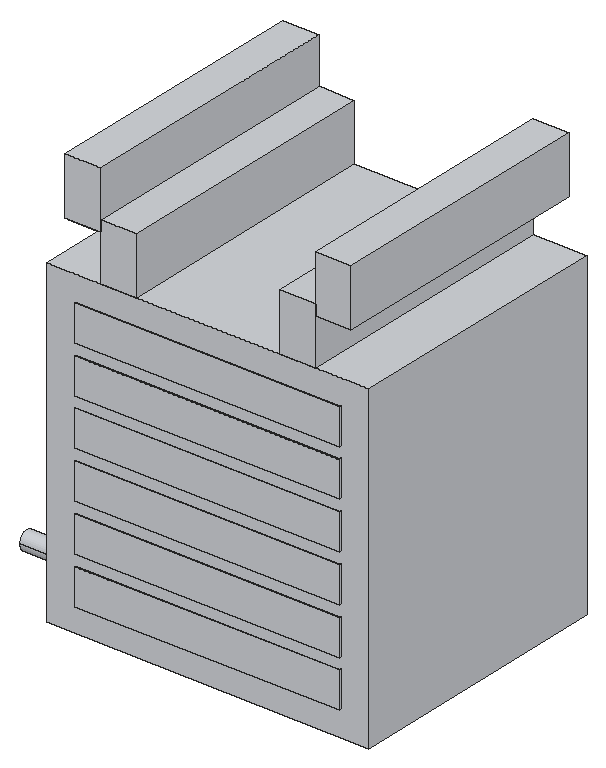
Revit family "Mark Tanner MDA verwarmer plafondmontage", category Mechanical Equipment, Revit 2017
Family settings
  Round Connector Dimension = Use Diameter
  Part Type = Normal
  OmniClass Number = 23.75.00.00
  OmniClass Title = Climate Control (HVAC)
  Work Plane-Based = No
  Always vertical = Yes
  Cut with Voids When Loaded = No
  Shared = No
  Room Calculation Point = No
Parameters (values of type "TYPE CATALOG")
  zichtbaar_02 [instance] = horizontaal uitblazen  # yes
  zichtbaar_01 [instance] = not(horizontaal uitblazen)  # no
  voltage = 0 V
  vermogen = 0 W
  schijnbaar_vermogen = voltage * nominale stroom  # 0 VA
  o2 [instance] = if(hoek = 90.00°, 813 mm, 145 mm + h1 / 2)  # 370 mm
  o1 = 660 mm
  nominale stroom = 0 A
  lengte = l1  # 450 mm
  l3 = l1 + 100 mm  # 550 mm
  l2 = 450 mm
  l1 = h1  # 450 mm
  horizontaal uitblazen [instance] = yes
  hoogte = h1  # 450 mm
  hoek [instance] = if(horizontaal uitblazen, 0.00°, 90.00°)  # 0.00°
  h1 = 450 mm
  gewicht = ""
  elektrisch_vermogen = 0 W
  debiet = 0.0 m³/h
  con 1_RN = con 1_DN / 2  # 12.5 mm
  con 1_DN = 25 mm
  breedte = b1  # 380 mm
  b2 = b1 - 80 mm  # 300 mm
  b1 = 380 mm
  artikelnummer = ""
  aantal_polen = 1
  URL = "http://www.mark.nl/producten/"
  Type Comments = "MDA 121, 2 rijige wisselaar, 1 fase 230V fan, ,waterzijdige aansluiting 1"
  Model = "MDA 100"
  Manufacturer = "Mark"  # constant formula
Reference planes
  plane 1 "Center (Front/Back)": y = 0
  plane 2: z = 0
  plane 3 "Center (Left/Right)": x = 0
  plane 4: x = -225
  plane 5: x = 225
  plane 6: z = -145
  plane 7: z = -370
Lines and regions (mm)
  reference lines
    curve 1: line (0, 660, -370) -> (0, 0, -370)
Dimensions and locks
  equal spacing: plane 4, plane 3 "Center (Left/Right)", plane 5
  "l1": plane 4 to plane 5
  plane 2 to plane 6 = 145 mm
  "o1": curve 1 to curve 1
  "o2": plane 2 to plane 7
  "hoek": angle curve 1 to plane 7
  aligned and locked: level to plane 2
  aligned and locked: nested 1 to curve 1
  aligned and locked: plane 1 "Center (Front/Back)" to curve 1
  aligned and locked: plane 7 to curve 1
Nested families
  nested 1: "Verwarmer" at (0, 2, -145), b1 <- "b1", h1 <- "h1", l1 <- "l1", r1 <- "con 1_RN", type "MDA 100"
    with r1 12.5 mm, l1 450 mm, h1 450 mm, b1 380 mm, b 370 mm, aantal 6, a 380 mm
  nested 2: "Plafond console met trillingsreduceerset" at (0, 0, 0) x (0, 1, 0) z (0, 0, 1), b1 <- "b2", l1 <- "l3", visible <- "zichtbaar_01", type "trillingsreduceerset"
    with l1 550 mm, b1 300 mm
  nested 3: "Plafond console" at (0, 192, 0) x (0, 1, 0) z (0, 0, 1), b1 <- "b2", l1 <- "b1", visible <- "zichtbaar_02", type "plafond console"
    with l1 380 mm, b1 300 mm
Connectors
  piping at (-317, 162, -180.5), diameter 25, driven by "con 1_DN"
    settings: on nested 1, index 1, connector inside diameter 609.6 mm, connector length 0 mm, flow factor 0, pipe flow 0.0 L/s, pressure drop 0.0 Pa, fitting loss kfactor 0, connector angle 0.00°, fixture units 0, engagement length 0 mm, angle of deflection 0.00°, flow configuration 0, flow direction 2, fitting loss method 0, system type 8, joint type 0, gender type 0, connector reference index -1, connector utility 0, adjustable connector no, is connector primary yes, connector description "retour"
  piping at (-317, 82, -559.5), diameter 25, driven by "con 1_DN"
    settings: on nested 1, index 2, connector inside diameter 609.6 mm, connector length 0 mm, flow factor 0, pipe flow 0.0 L/s, pressure drop 0.0 Pa, fitting loss kfactor 0, connector angle 0.00°, fixture units 0, engagement length 0 mm, angle of deflection 0.00°, flow configuration 0, flow direction 1, fitting loss method 0, system type 7, joint type 0, gender type 0, connector reference index -1, connector utility 0, adjustable connector no, is connector primary no, connector description "aanvoer"
  electrical at (0, 192, -145), driven by "aantal_polen", driven by "voltage", driven by "schijnbaar_vermogen"
    settings: on nested 1, index 3, voltage 0 V, apparent load 0 VA, apparent load phase1 0 VA, apparent load phase2 0 VA, apparent load phase3 0 VA, power factor 1, load classification "Other", number of poles 1, system type 30, power factor state 1, is connector primary yes, connector utility no, sub classification motor no, connector description ""
Definition of nested family "Verwarmer"
  Parameters (values of type "MDA 100")
    r1 [instance] = 12.5 mm
    l1 [instance] = 450 mm
    h1 [instance] = 450 mm
    b1 [instance] = 380 mm
    b [instance] = l1 - 80 mm  # 370 mm
    aantal [instance] = a / 60 mm  # 6
    a [instance] = h1 - 70 mm  # 380 mm
    Default Elevation = 1219.2 mm
  Reference planes
    plane 1 "Center (Front/Back)": y = 0
    plane 2: z = 0
    plane 3 "Center (Left/Right)": x = 0
    plane 4: x = -225
    plane 5: x = 225
    plane 6: y = 0
    plane 7: y = 380
    plane 8: z = 0
    plane 9: z = -35.5
    plane 10: z = -414.5
    plane 11: y = 160
    plane 12: y = 80
    plane 13: z = -450
    plane 14: x = 185
    plane 15: x = -185
    plane 16: z = -225
    plane 17: y = 190
  Forms (mm)
    Extrusion 1, solid
      sketch origin (554.392, 0, 0) x (1, 0, 0) y (0, 1, 0)
        loop
          line (-779.392, 380) -> (-779.392, 0) -> (-329.392, 0) -> (-329.392, 380) -> (-779.392, 380)
      from -450 to 0
    Sweep 2, solid
      path origin (0, 0, 0) x (1, 0, 0) y (0, 1, 0)
        loop
          line (-317, 80) -> (-225, 80)
      profile origin (-271, 80, 0) x (0, 1, 0) y (0, 0, 1)
        loop
          circle (0, -414.5) r 12.5
    Sweep 3, solid
      path origin (-1340.061, -1524, -35.5) x (-1, 0, 0) y (0, -1, 0)
        loop
          line (-1023.061, -1684) -> (-1115.061, -1684)
      profile origin (-271, 160, -35.5) x (0, 1, 0) y (0, 0, 1)
        loop
          circle (0, 0) r 12.5
  Dimensions and locks
    "b1": plane 6 to plane 7
    "l1": plane 4 to plane 5
    equal spacing: plane 4, plane 3 "Center (Left/Right)", plane 5
    locked: plane 6 to plane 12 at 80
    locked: plane 11 to plane 6 at 160
    locked: Sweep 2 sketch curve to Sweep 2 sketch curve at 92
    "h1": plane 8 to plane 13
    locked: plane 10 to plane 13 at 35.5
    locked: plane 8 to plane 9 at 35.5
    equal spacing: plane 14, plane 3 "Center (Left/Right)", plane 15
    "b": plane 14 to plane 15
    equal spacing: group 1, group 3, group 4, group 5, group 6, group 2  (x2)
    equal spacing: group 2, group 6, group 5, group 4, group 3, group 1
    "a": plane 9 to nested 2
    equal spacing: plane 8, plane 16, plane 13
    equal spacing: plane 7, plane 17, plane 1 "Center (Front/Back)"
    "r1": radius of Sweep 2 sketch curve
    "r1": radius of Sweep 3 sketch curve
    aligned and locked: level to plane 2
    aligned and locked: plane 7 to Extrusion 1 sketch curve
    aligned and locked: Extrusion 1 sketch curve to plane 5
    aligned and locked: plane 6 to Extrusion 1 sketch curve
    aligned and locked: plane 4 to Extrusion 1 sketch curve
    aligned and locked: plane 8 to Extrusion 1
    aligned and locked: plane 12 to Sweep 2 sketch curve
    aligned and locked: Sweep 3 sketch curve to plane 11
    aligned and locked: plane 4 to Sweep 3 sketch curve
    aligned and locked: Sweep 2 to Sweep 3 sketch curve
    aligned and locked: plane 9 to Sweep 3 sketch curve
    aligned and locked: plane 10 to Sweep 2 sketch curve
    aligned and locked: Extrusion 1 to plane 13
  Automatic sketch dimensions
    plane 4 to Sweep 2 sketch curve = 0 mm
    Sweep 2 sketch curve to profile plane = 0 mm
    Sweep 3 sketch curve to profile plane = 0 mm
  Nested families
    nested 1: "Family4" at (0, 0, -35.5), a <- "b", type "Family4"
      with a 370 mm
    nested 2: "Family4" at (0, 0, -365.5), a <- "b", type "Family4"
      with a 370 mm
    nested 3: "Family4" at (0, 0, -101.5), a <- "b", type "Family4"
      with a 370 mm
    nested 4: "Family4" at (0, 0, -167.5), a <- "b", type "Family4"
      with a 370 mm
    nested 5: "Family4" at (0, 0, -233.5), a <- "b", type "Family4"
      with a 370 mm
    nested 6: "Family4" at (0, 0, -299.5), a <- "b", type "Family4"
      with a 370 mm
  Definition of nested family "Family4"
    Parameters (values of type "Family4")
      a [instance] = 304.784 mm
    Reference planes
      plane 1 "Center (Front/Back)": y = 0
      plane 2: z = 0
      plane 3 "Center (Left/Right)": x = 0
    Forms (mm)
      Extrusion 1, solid
        sketch origin (0, 0, 0) x (1, 0, 0) y (0, 0, 1)
          loop
            line (-152.392, 0) -> (-152.392, -50) -> (152.392, -50) -> (152.392, 0) -> (-152.392, 0)
        from -1 to 2
    Dimensions and locks
      "a": Extrusion 1 sketch curve to Extrusion 1 sketch curve
      equal spacing: Extrusion 1 sketch curve, plane 3 "Center (Left/Right)", Extrusion 1 sketch curve
      Extrusion 1 sketch curve to Extrusion 1 sketch curve = 50 mm
      aligned and locked: level to plane 2
    Automatic sketch dimensions
      Extrusion 1 sketch curve to level = 0 mm
Definition of nested family "Plafond console met trillingsreduceerset"
  Parameters (values of type "trillingsreduceerset")
    l1 [instance] = 450 mm
    b1 [instance] = 450 mm
    artikelnummer = "5064051"  # constant formula
    URL = "http://www.mark.nl/producten/"
    Manufacturer = "Mark"  # constant formula
    Description = "plafond console"  # constant formula
  Reference planes
    plane 1 "Center (Front/Back)": y = 0
    plane 2: z = 0
    plane 3 "Center (Left/Right)": x = 0
    plane 4: x = -225
    plane 5: x = 225
    plane 6: z = -813
    plane 7: y = 225
    plane 8: y = -225
  Forms (mm)
    Sweep 1, solid
      path origin (0, 0, 0) x (1, 0, 0) y (0, 0, 1)
        loop
          line (-225, -813) -> (-225, 0) -> (225, 0) -> (225, -813)
      profile origin (-225, 0, -406.5) x (-1, 0, 0) y (0, -1, 0)
        loop
          line (0, 225) -> (0, 275) -> (-50, 275) -> (-50, 225) -> (0, 225)
    Sweep 2, solid
      path origin (-1087.664, 225, 1200) x (-1, 0, 0) y (0, 0, 1)
        loop
          line (-1312.664, -2013) -> (-1312.664, -1200) -> (-862.664, -1200) -> (-862.664, -2013)
      profile origin (225, 225, -406.5) x (1, 0, 0) y (0, 1, 0)
        loop
          line (0, 0) -> (0, 50) -> (-50, 50) -> (-50, 0) -> (0, 0)
  Dimensions and locks
    equal spacing: plane 4, plane 3 "Center (Left/Right)", plane 5
    "l1": plane 4 to plane 5
    plane 2 to plane 6 = 813 mm
    equal spacing: plane 7, plane 1 "Center (Front/Back)", plane 8
    "b1": plane 7 to plane 8
    aligned and locked: level to plane 2
    aligned and locked: Sweep 1 sketch curve to plane 4
    aligned and locked: Sweep 1 sketch curve to plane 5
    aligned and locked: plane 6 to Sweep 1 sketch curve  (x2)
    aligned and locked: Sweep 1 to plane 8
    aligned and locked: Sweep 2 sketch curve to plane 2
    aligned and locked: Sweep 2 sketch curve to plane 5
    aligned and locked: plane 4 to Sweep 2 sketch curve
  Automatic sketch dimensions
    Sweep 1 sketch curve to level = 0 mm
    Sweep 1 sketch curve to profile plane = 0 mm
    profile plane to Sweep 1 sketch curve = 50 mm
    plane 1 "Center (Front/Back)" to Sweep 1 sketch curve = 225 mm
    Sweep 1 sketch curve to Sweep 1 sketch curve = 50 mm
    Sweep 2 sketch curve to level = 813 mm  (x2)
    Sweep 2 sketch curve to plane 7 = 0 mm
    Sweep 2 sketch curve to profile plane = 0 mm
    Sweep 2 sketch curve to Sweep 2 sketch curve = 50 mm
    plane 7 to Sweep 2 sketch curve = 50 mm
Definition of nested family "Plafond console"
  Parameters (values of type "plafond console")
    l1 [instance] = 450 mm
    b1 [instance] = 800 mm
    artikelnummer = "5064056"  # constant formula
    URL = "http://www.mark.nl/producten/"
    Manufacturer = "Mark"  # constant formula
    Description = "plafond console"  # constant formula
  Reference planes
    plane 1 "Center (Front/Back)": y = 0
    plane 2: z = 0
    plane 3 "Center (Left/Right)": x = 0
    plane 4: x = -225
    plane 5: x = 225
    plane 6: y = 400
    plane 7: y = -400
  Forms (mm)
    Sweep 1, solid
      path origin (-1087.664, 400, 1200) x (-1, 0, 0) y (0, 0, 1)
        loop
          line (-1312.664, -1200) -> (-862.664, -1200)
      profile origin (0, 400, 0) x (0, 0, 1) y (0, 1, 0)
        loop
          line (0, 0) -> (0, 50) -> (-80, 50) -> (-80, 0) -> (0, 0)
    Sweep 2, solid
      path origin (1231.578, -400, 1200) x (1, 0, 0) y (0, 0, 1)
        loop
          line (-1006.578, -1200) -> (-1456.578, -1200)
      profile origin (0, -400, 0) x (0, 0, -1) y (0, -1, 0)
        loop
          line (0, 0) -> (80, 0) -> (80, 50) -> (0, 50) -> (0, 0)
    Sweep 3, solid
      path origin (-1087.664, 400, 1200) x (-1, 0, 0) y (0, 0, 1)
        loop
          line (-1312.664, -1280) -> (-862.664, -1280)
      profile origin (0, 400, -80) x (0, 0, 1) y (0, 1, 0)
        loop
          line (15, 0) -> (-65, 0) -> (-65, -50) -> (15, -50) -> (15, 0)
    Sweep 4, solid
      path origin (1231.578, -400, 1200) x (1, 0, 0) y (0, 0, 1)
        loop
          line (-1006.578, -1280) -> (-1456.578, -1280)
      profile origin (0, -400, -80) x (0, 0, -1) y (0, -1, 0)
        loop
          line (-15, 0) -> (-15, -50) -> (65, -50) -> (65, 0) -> (-15, 0)
  Dimensions and locks
    equal spacing: plane 4, plane 3 "Center (Left/Right)", plane 5
    "l1": plane 4 to plane 5
    equal spacing: plane 6, plane 1 "Center (Front/Back)", plane 7
    "b1": plane 6 to plane 7
    aligned and locked: level to plane 2
    aligned and locked: Sweep 1 sketch curve to plane 2
    aligned and locked: Sweep 2 sketch curve to plane 2
    aligned and locked: plane 4 to Sweep 2 sketch curve
    aligned and locked: plane 5 to Sweep 2 sketch curve
    aligned and locked: Sweep 3 sketch curve to Sweep 1
    aligned and locked: plane 4 to Sweep 3 sketch curve
    aligned and locked: plane 5 to Sweep 3 sketch curve
    aligned and locked: Sweep 4 sketch curve to Sweep 1
    aligned and locked: plane 5 to Sweep 4 sketch curve
    aligned and locked: plane 4 to Sweep 4 sketch curve
  Automatic sketch dimensions
    Sweep 1 sketch curve to plane 6 = 0 mm
    Sweep 1 sketch curve to profile plane = 0 mm
    Sweep 1 sketch curve to Sweep 1 sketch curve = 80 mm
    plane 6 to Sweep 1 sketch curve = 50 mm
    Sweep 1 sketch curve to plane 4 = 0 mm
    Sweep 1 sketch curve to plane 5 = 0 mm
    Sweep 2 sketch curve to profile plane = 0 mm
    Sweep 2 sketch curve to plane 7 = 0 mm
    Sweep 2 sketch curve to Sweep 2 sketch curve = 80 mm
    Sweep 2 sketch curve to Sweep 2 sketch curve = 50 mm
    Sweep 3 sketch curve to plane 6 = 0 mm
    Sweep 3 sketch curve to profile plane = 15 mm
    profile plane to Sweep 3 sketch curve = 65 mm
    Sweep 3 sketch curve to plane 6 = 50 mm
    profile plane to Sweep 4 sketch curve = 15 mm
    Sweep 4 sketch curve to plane 7 = 0 mm
    Sweep 4 sketch curve to profile plane = 65 mm
    Sweep 4 sketch curve to plane 7 = 50 mm
Types in the file's own list only (42): name | voltage | vermogen | schijnbaar_vermogen | nominale stroom | lengte | l3 | l2 | l1 | hoogte | h1 | gewicht | elektrisch_vermogen | debiet | con 1_RN | con 1_DN | breedte | b2 | b1 | artikelnummer | aantal_polen | URL | Type Comments | Model
  Tanner MDA 121L | 230 V | 14500 W | 108 VA | 0 A | 450 mm | 550 mm | 387 mm | 450 mm | 450 mm | 450 mm | "22" | 90 W | 5742.0 m³/h | 13 mm | 25 mm | 380 mm | 300 mm | 380 mm | "MDA 121L" | 1 | "http://www.mark.nl/luchtverwarming/watergevoed/tanner-mda/" | "MDA 121 ( 2 rijige wisselaar 1 fase 230 V fan waterzijdige aansluiting 1  laag toerental )" | "MDA 100"
  Tanner MDA 131L | 230 V | 17000 W | 108 VA | 0 A | 450 mm | 550 mm | 387 mm | 450 mm | 450 mm | 450 mm | "23" | 90 W | 5205.6 m³/h | 13 mm | 25 mm | 380 mm | 300 mm | 380 mm | "MDA 131L" | 1 | "http://www.mark.nl/luchtverwarming/watergevoed/tanner-mda/" | "MDA 131 ( 3 rijige wisselaar  1 fase 230 V fan waterzijdige aansluiting 1 laag toerental)" | "MDA 100"
  Tanner MDA 141L | 230 V | 19000 W | 108 VA | 0 A | 450 mm | 550 mm | 387 mm | 450 mm | 450 mm | 450 mm | "24" | 90 W | 4554.0 m³/h | 13 mm | 25 mm | 380 mm | 300 mm | 380 mm | "MDA 141L" | 1 | "http://www.mark.nl/luchtverwarming/watergevoed/tanner-mda/" | "MDA 131 ( 4 rijige wisselaar  1 fase 230 V fan waterzijdige aansluiting 1 laag toerental)" | "MDA 100"
  Tanner MDA 211L | 230 V | 14100 W | 117 VA | 1 A | 580 mm | 680 mm | 517 mm | 580 mm | 580 mm | 580 mm | "30" | 120 W | 10098.0 m³/h | 13 mm | 25 mm | 385 mm | 305 mm | 385 mm | "MDA 211L" | 1 | "http://www.mark.nl/luchtverwarming/watergevoed/tanner-mda/" | "MDA 211 ( 1 rijige wisselaar  1 fase 230 V fanwaterzijdige aansluiting 1 laag toerental)" | "MDA 200"
  Tanner MDA 221L | 230 V | 25100 W | 117 VA | 1 A | 580 mm | 680 mm | 517 mm | 580 mm | 580 mm | 580 mm | "32" | 120 W | 9561.6 m³/h | 13 mm | 25 mm | 385 mm | 305 mm | 385 mm | "MDA 221L" | 1 | "http://www.mark.nl/luchtverwarming/watergevoed/tanner-mda/" | "MDA 221 ( 2 rijige wisselaar  1 fase 230 V fan waterzijdige aansluiting 1 laag toerental)" | "MDA 200"
  Tanner MDA 231L | 230 V | 30800 W | 117 VA | 1 A | 580 mm | 680 mm | 517 mm | 580 mm | 580 mm | 580 mm | "34" | 120 W | 8571.6 m³/h | 13 mm | 25 mm | 385 mm | 305 mm | 385 mm | "MDA 231L" | 1 | "http://www.mark.nl/luchtverwarming/watergevoed/tanner-mda/" | "MDA 231 ( 3 rijige wisselaar  1 fase 230 V fan waterzijdige aansluiting 1 laag toerental)" | "MDA 200"
  Tanner MDA 241L | 230 V | 33300 W | 117 VA | 1 A | 580 mm | 680 mm | 517 mm | 580 mm | 580 mm | 580 mm | "36" | 120 W | 8028.0 m³/h | 13 mm | 25 mm | 385 mm | 305 mm | 385 mm | "MDA 241L" | 1 | "http://www.mark.nl/luchtverwarming/watergevoed/tanner-mda/" | "MDA 241 ( 4 rijige wisselaar  1 fase 230 V fan waterzijdige aansluiting 1 laag toerental)" | "MDA 200"
  Tanner MDA 321L | 230 V | 52700 W | 391 VA | 2 A | 730 mm | 830 mm | 667 mm | 730 mm | 730 mm | 730 mm | "43" | 330 W | 23382.0 m³/h | 13 mm | 25 mm | 385 mm | 305 mm | 385 mm | "MDA 321L" | 1 | "http://www.mark.nl/luchtverwarming/watergevoed/tanner-mda/" | "MDA 321 ( 2 rijige wisselaar  1 fase 230 V fan waterzijdige aansluiting 1 laag toerental)" | "MDA 300"
  Tanner MDA 331L | 230 V | 65900 W | 391 VA | 2 A | 730 mm | 830 mm | 667 mm | 730 mm | 730 mm | 730 mm | "46" | 330 W | 21085.2 m³/h | 16 mm | 32 mm | 385 mm | 305 mm | 385 mm | "MDA 331L" | 1 | "http://www.mark.nl/luchtverwarming/watergevoed/tanner-mda/" | "MDA 331 ( 3 rijige wisselaar  1 fase 230 V fan waterzijdige aansluiting 11/4 laag toerental)" | "MDA 300"
  Tanner MDA 341L | 230 V | 72100 W | 391 VA | 2 A | 730 mm | 830 mm | 667 mm | 730 mm | 730 mm | 730 mm | "49" | 330 W | 19522.8 m³/h | 16 mm | 32 mm | 385 mm | 305 mm | 385 mm | "MDA 341L" | 1 | "http://www.mark.nl/luchtverwarming/watergevoed/tanner-mda/" | "MDA 341 ( 4 rijige wisselaar  1 fase 230 V fan waterzijdige aansluiting 11/4 laag toerental)" | "MDA 300"
  Tanner MDA 411L | 230 V | 42500 W | 598 VA | 3 A | 860 mm | 960 mm | 667 mm | 860 mm | 860 mm | 860 mm | "51" | 550 W | 37152.0 m³/h | 16 mm | 32 mm | 405 mm | 325 mm | 405 mm | "MDA 411L" | 1 | "http://www.mark.nl/luchtverwarming/watergevoed/tanner-mda/" | "MDA 411 ( 1 rijige wisselaar  1 fase 230 V fanwaterzijdige aansluiting 11/4 laag toerental)" | "MDA 400"
  Tanner MDA 421L | 230 V | 80000 W | 598 VA | 3 A | 860 mm | 960 mm | 667 mm | 860 mm | 860 mm | 860 mm | "55" | 550 W | 35758.8 m³/h | 16 mm | 32 mm | 405 mm | 325 mm | 405 mm | "MDA 421L" | 1 | "http://www.mark.nl/luchtverwarming/watergevoed/tanner-mda/" | "MDA 421 ( 2 rijige wisselaar  1 fase 230 V fanwaterzijdige aansluiting 11/4 laag toerental)" | "MDA 400"
  Tanner MDA 431L | 230 V | 101000 W | 598 VA | 3 A | 860 mm | 960 mm | 667 mm | 860 mm | 860 mm | 860 mm | "59" | 550 W | 31737.6 m³/h | 20 mm | 40 mm | 405 mm | 325 mm | 405 mm | "MDA 431L" | 1 | "http://www.mark.nl/luchtverwarming/watergevoed/tanner-mda/" | "MDA 431 ( 3 rijige wisselaar  1 fase 230 V fanwaterzijdige aansluiting 11/2 laag toerental)" | "MDA 400"
  Tanner MDA 441L | 230 V | 110000 W | 598 VA | 3 A | 860 mm | 960 mm | 667 mm | 860 mm | 860 mm | 860 mm | "63" | 550 W | 29581.2 m³/h | 20 mm | 40 mm | 405 mm | 325 mm | 405 mm | "MDA 441L" | 1 | "http://www.mark.nl/luchtverwarming/watergevoed/tanner-mda/" | "MDA 441 ( 4 rijige wisselaar  1 fase 230 V fanwaterzijdige aansluiting 11/2 laag toerental)" | "MDA 400"
  Tanner MDA 121H | 230 V | 18000 W | 154 VA | 1 A | 450 mm | 550 mm | 387 mm | 450 mm | 450 mm | 450 mm | "22" | 150 W | 8514.0 m³/h | 13 mm | 25 mm | 380 mm | 300 mm | 380 mm | "MDA 121H" | 1 | "http://www.mark.nl/luchtverwarming/watergevoed/tanner-mda/" | "MDA 121 ( 2 rijige wisselaar  1 fase 230 V fan waterzijdige aansluiting 1 hoog toerental)" | "MDA 100"
  Tanner MDA 131H | 230 V | 22100 W | 154 VA | 1 A | 450 mm | 550 mm | 387 mm | 450 mm | 450 mm | 450 mm | "23" | 150 W | 8078.4 m³/h | 13 mm | 25 mm | 380 mm | 300 mm | 380 mm | "MDA 131H" | 1 | "http://www.mark.nl/luchtverwarming/watergevoed/tanner-mda/" | "MDA 131 ( 3 rijige wisselaar  1 fase 230 V fan waterzijdige aansluiting 1 hoog toerental)" | "MDA 100"
  Tanner MDA 141H | 230 V | 25100 W | 154 VA | 1 A | 450 mm | 550 mm | 387 mm | 450 mm | 450 mm | 450 mm | "24" | 150 W | 6890.4 m³/h | 13 mm | 25 mm | 380 mm | 300 mm | 380 mm | "MDA 141H" | 1 | "http://www.mark.nl/luchtverwarming/watergevoed/tanner-mda/" | "MDA 131 ( 4 rijige wisselaar  1 fase 230 V fan waterzijdige aansluiting 1 hoog toerental)" | "MDA 100"
  Tanner MDA 211H | 230 V | 17200 W | 311 VA | 1 A | 580 mm | 680 mm | 517 mm | 580 mm | 580 mm | 580 mm | "30" | 280 W | 16020.0 m³/h | 13 mm | 25 mm | 385 mm | 305 mm | 385 mm | "MDA 211H" | 1 | "http://www.mark.nl/luchtverwarming/watergevoed/tanner-mda/" | "MDA 211 ( 1 rijige wisselaar  1 fase 230 V fan waterzijdige aansluiting 1 hoog toerental)" | "MDA 200"
  Tanner MDA 221H | 230 V | 32400 W | 311 VA | 1 A | 580 mm | 680 mm | 517 mm | 580 mm | 580 mm | 580 mm | "32" | 280 W | 15127.2 m³/h | 13 mm | 25 mm | 385 mm | 305 mm | 385 mm | "MDA 221H" | 1 | "http://www.mark.nl/luchtverwarming/watergevoed/tanner-mda/" | "MDA 221 ( 2 rijige wisselaar  1 fase 230 V fan waterzijdige aansluiting 1 hoog toerental)" | "MDA 200"
  Tanner MDA 231H | 230 V | 42000 W | 311 VA | 1 A | 580 mm | 680 mm | 517 mm | 580 mm | 580 mm | 580 mm | "34" | 280 W | 14155.2 m³/h | 13 mm | 25 mm | 385 mm | 305 mm | 385 mm | "MDA 231H" | 1 | "http://www.mark.nl/luchtverwarming/watergevoed/tanner-mda/" | "MDA 231 ( 3 rijige wisselaar  1 fase 230 V fan waterzijdige aansluiting 1 hoog toerental)" | "MDA 200"
  Tanner MDA 241H | 230 V | 46600 W | 311 VA | 1 A | 580 mm | 680 mm | 517 mm | 580 mm | 580 mm | 580 mm | "34" | 280 W | 13442.4 m³/h | 13 mm | 25 mm | 385 mm | 305 mm | 385 mm | "MDA 241H" | 1 | "http://www.mark.nl/luchtverwarming/watergevoed/tanner-mda/" | "MDA 241 ( 4 rijige wisselaar  1 fase 230 V fan waterzijdige aansluiting 1 hoog toerental)" | "MDA 200"
  Tanner MDA 123L | 400 V | 14500 W | 40 VA | 0 A | 450 mm | 550 mm | 387 mm | 450 mm | 450 mm | 450 mm | "22" | 50 W | 5742.0 m³/h | 13 mm | 25 mm | 380 mm | 300 mm | 380 mm | "MDA 123L" | 3 | "http://www.mark.nl/luchtverwarming/watergevoed/tanner-mda/" | "MDA 123 ( 2 rijige wisselaar  3 fase 400 V fan waterzijdige aansluiting 1 laag toerental)" | "MDA 100"
  Tanner MDA 133L | 400 V | 17000 W | 40 VA | 0 A | 450 mm | 550 mm | 387 mm | 450 mm | 450 mm | 450 mm | "23" | 50 W | 5205.6 m³/h | 13 mm | 25 mm | 380 mm | 300 mm | 380 mm | "MDA 133L" | 3 | "http://www.mark.nl/luchtverwarming/watergevoed/tanner-mda/" | "MDA 133 ( 3 rijige wisselaar  3 fase 400 V fan waterzijdige aansluiting 1 laag toerental)" | "MDA 100"
  Tanner MDA 143L | 400 V | 19000 W | 40 VA | 0 A | 450 mm | 550 mm | 387 mm | 450 mm | 450 mm | 450 mm | "24" | 50 W | 4554.0 m³/h | 13 mm | 25 mm | 380 mm | 300 mm | 380 mm | "MDA 143L" | 3 | "http://www.mark.nl/luchtverwarming/watergevoed/tanner-mda/" | "MDA 133 ( 4 rijige wisselaar  3 fase 400 V fan waterzijdige aansluiting 1 laag toerental)" | "MDA 100"
  Tanner MDA 213L | 400 V | 14800 W | 120 VA | 0 A | 580 mm | 680 mm | 517 mm | 580 mm | 580 mm | 580 mm | "30" | 120 W | 10980.0 m³/h | 13 mm | 25 mm | 385 mm | 305 mm | 385 mm | "MDA 213L" | 3 | "http://www.mark.nl/luchtverwarming/watergevoed/tanner-mda/" | "MDA 213 ( 1 rijige wisselaar  3 fase 400 V fan waterzijdige aansluiting 1 laag toerental)" | "MDA 200"
  Tanner MDA 223L | 400 V | 26200 W | 120 VA | 0 A | 580 mm | 680 mm | 517 mm | 580 mm | 580 mm | 580 mm | "32" | 120 W | 10314.0 m³/h | 13 mm | 25 mm | 385 mm | 305 mm | 385 mm | "MDA 223L" | 3 | "http://www.mark.nl/luchtverwarming/watergevoed/tanner-mda/" | "MDA 223 ( 2 rijige wisselaar  3 fase 400 V fan waterzijdige aansluiting 1 laag toerental)" | "MDA 200"
  Tanner MDA 233L | 400 V | 32400 W | 120 VA | 0 A | 580 mm | 680 mm | 517 mm | 580 mm | 580 mm | 580 mm | "34" | 120 W | 9266.4 m³/h | 13 mm | 25 mm | 385 mm | 305 mm | 385 mm | "MDA 233L" | 3 | "http://www.mark.nl/luchtverwarming/watergevoed/tanner-mda/" | "MDA 233 ( 3 rijige wisselaar  3 fase 400 V fan waterzijdige aansluiting 1 laag toerental)" | "MDA 200"
  Tanner MDA 243L | 400 V | 35100 W | 120 VA | 0 A | 580 mm | 680 mm | 517 mm | 580 mm | 580 mm | 580 mm | "36" | 120 W | 8690.4 m³/h | 13 mm | 25 mm | 385 mm | 305 mm | 385 mm | "MDA 243L" | 3 | "http://www.mark.nl/luchtverwarming/watergevoed/tanner-mda/" | "MDA 243 ( 4 rijige wisselaar  3 fase 400 V fan waterzijdige aansluiting 1 laag toerental)" | "MDA 200"
  Tanner MDA 323L | 400 V | 52700 W | 272 VA | 1 A | 730 mm | 830 mm | 667 mm | 730 mm | 730 mm | 730 mm | "43" | 280 W | 23382.0 m³/h | 13 mm | 25 mm | 385 mm | 305 mm | 385 mm | "MDA 323L" | 3 | "http://www.mark.nl/luchtverwarming/watergevoed/tanner-mda/" | "MDA 323 ( 2 rijige wisselaar  3 fase 400 V fan  waterzijdige aansluiting 1 laag toerental)" | "MDA 300"
  Tanner MDA 333L | 400 V | 65900 W | 272 VA | 1 A | 730 mm | 830 mm | 667 mm | 730 mm | 730 mm | 730 mm | "46" | 280 W | 21085.2 m³/h | 16 mm | 32 mm | 385 mm | 305 mm | 385 mm | "MDA 333L" | 3 | "http://www.mark.nl/luchtverwarming/watergevoed/tanner-mda/" | "MDA 333 ( 3 rijige wisselaar  3 fase 400 V fan  waterzijdige aansluiting 11/4 laag toerental)" | "MDA 300"
  Tanner MDA 343L | 400 V | 72100 W | 272 VA | 1 A | 730 mm | 830 mm | 667 mm | 730 mm | 730 mm | 730 mm | "46" | 280 W | 19522.8 m³/h | 16 mm | 32 mm | 385 mm | 305 mm | 385 mm | "MDA 343L" | 3 | "http://www.mark.nl/luchtverwarming/watergevoed/tanner-mda/" | "MDA 343 ( 4 rijige wisselaar  3 fase 400 V fan  waterzijdige aansluiting 11/4 laag toerental)" | "MDA 300"
  Tanner MDA 413L | 400 V | 45200 W | 620 VA | 2 A | 860 mm | 960 mm | 667 mm | 860 mm | 860 mm | 860 mm | "52" | 510 W | 41760.0 m³/h | 16 mm | 32 mm | 405 mm | 325 mm | 405 mm | "MDA 413L" | 3 | "http://www.mark.nl/luchtverwarming/watergevoed/tanner-mda/" | "MDA 413 ( 1 rijige wisselaar  3 fase 400 V fan  waterzijdige aansluiting 11/4 laag toerental)" | "MDA 400"
  Tanner MDA 423L | 400 V | 84000 W | 400 VA | 1 A | 860 mm | 960 mm | 667 mm | 860 mm | 860 mm | 860 mm | "52" | 510 W | 39124.8 m³/h | 16 mm | 32 mm | 405 mm | 325 mm | 405 mm | "MDA 423L" | 3 | "http://www.mark.nl/luchtverwarming/watergevoed/tanner-mda/" | "MDA 423 ( 2 rijige wisselaar  3 fase 400 V fan  waterzijdige aansluiting 11/4 laag toerental)" | "MDA 400"
  Tanner MDA 433L | 400 V | 107000 W | 400 VA | 1 A | 860 mm | 960 mm | 667 mm | 860 mm | 860 mm | 860 mm | "61" | 510 W | 35046.0 m³/h | 20 mm | 40 mm | 405 mm | 325 mm | 405 mm | "MDA 433L" | 3 | "http://www.mark.nl/luchtverwarming/watergevoed/tanner-mda/" | "MDA 433 ( 3 rijige wisselaar  3 fase 400 V fan  waterzijdige aansluiting 11/2 laag toerental)" | "MDA 400"
  Tanner MDA 443L | 400 V | 117000 W | 400 VA | 1 A | 860 mm | 960 mm | 667 mm | 860 mm | 860 mm | 860 mm | "64" | 510 W | 32630.4 m³/h | 20 mm | 40 mm | 405 mm | 325 mm | 405 mm | "MDA 443L" | 3 | "http://www.mark.nl/luchtverwarming/watergevoed/tanner-mda/" | "MDA 443 ( 4 rijige wisselaar  3 fase 400 V fan  waterzijdige aansluiting 11/2 laag toerental)" | "MDA 400"
  Tanner MDA 123H | 230 V | 18000 W | 58 VA | 0 A | 450 mm | 550 mm | 387 mm | 450 mm | 450 mm | 450 mm | "22" | 150 W | 8514.0 m³/h | 13 mm | 25 mm | 380 mm | 300 mm | 380 mm | "MDA 123H" | 1 | "http://www.mark.nl/luchtverwarming/watergevoed/tanner-mda/" | "MDA 123 ( 2 rijige wisselaar  3 fase 400 V fan waterzijdige aansluiting 1 hoog toerental)" | "MDA 100"
  Tanner MDA 133H | 230 V | 22100 W | 58 VA | 0 A | 450 mm | 550 mm | 387 mm | 450 mm | 450 mm | 450 mm | "23" | 150 W | 8078.4 m³/h | 13 mm | 25 mm | 380 mm | 300 mm | 380 mm | "MDA 133H" | 1 | "http://www.mark.nl/luchtverwarming/watergevoed/tanner-mda/" | "MDA 133 ( 3 rijige wisselaar  3 fase 400 V fan waterzijdige aansluiting 1 hoog toerental)" | "MDA 100"
  Tanner MDA 143H | 230 V | 25100 W | 58 VA | 0 A | 450 mm | 550 mm | 387 mm | 450 mm | 450 mm | 450 mm | "24" | 150 W | 6890.4 m³/h | 13 mm | 25 mm | 380 mm | 300 mm | 380 mm | "MDA 143H" | 1 | "http://www.mark.nl/luchtverwarming/watergevoed/tanner-mda/" | "MDA 133 ( 4 rijige wisselaar  3 fase 400 V fan waterzijdige aansluiting 1 hoog toerental)" | "MDA 100"
  Tanner MDA 213H | 230 V | 17200 W | 154 VA | 1 A | 580 mm | 680 mm | 517 mm | 580 mm | 580 mm | 580 mm | "30" | 280 W | 16020.0 m³/h | 13 mm | 25 mm | 385 mm | 305 mm | 385 mm | "MDA 213H" | 1 | "http://www.mark.nl/luchtverwarming/watergevoed/tanner-mda/" | "MDA 213 ( 1 rijige wisselaar  3 fase 400 V fan waterzijdige aansluiting 1 hoog toerental)" | "MDA 200"
  Tanner MDA 223H | 230 V | 32400 W | 154 VA | 1 A | 580 mm | 680 mm | 517 mm | 580 mm | 580 mm | 580 mm | "32" | 280 W | 15127.2 m³/h | 13 mm | 25 mm | 385 mm | 305 mm | 385 mm | "MDA 223H" | 1 | "http://www.mark.nl/luchtverwarming/watergevoed/tanner-mda/" | "MDA 223 ( 2 rijige wisselaar  3 fase 400 V fan waterzijdige aansluiting 1 hoog toerental)" | "MDA 200"
  Tanner MDA 233H | 230 V | 42000 W | 154 VA | 1 A | 580 mm | 680 mm | 517 mm | 580 mm | 580 mm | 580 mm | "34" | 280 W | 14155.2 m³/h | 13 mm | 25 mm | 385 mm | 305 mm | 385 mm | "MDA 233H" | 1 | "http://www.mark.nl/luchtverwarming/watergevoed/tanner-mda/" | "MDA 233 ( 3 rijige wisselaar  3 fase 400 V fan waterzijdige aansluiting 1 hoog toerental)" | "MDA 200"
  Tanner MDA 243H | 230 V | 46600 W | 154 VA | 1 A | 580 mm | 680 mm | 517 mm | 580 mm | 580 mm | 580 mm | "34" | 280 W | 13442.4 m³/h | 13 mm | 25 mm | 385 mm | 305 mm | 385 mm | "MDA 243H" | 1 | "http://www.mark.nl/luchtverwarming/watergevoed/tanner-mda/" | "MDA 243 ( 4 rijige wisselaar  3 fase 400 V fan waterzijdige aansluiting 1 hoog toerental)" | "MDA 200"
